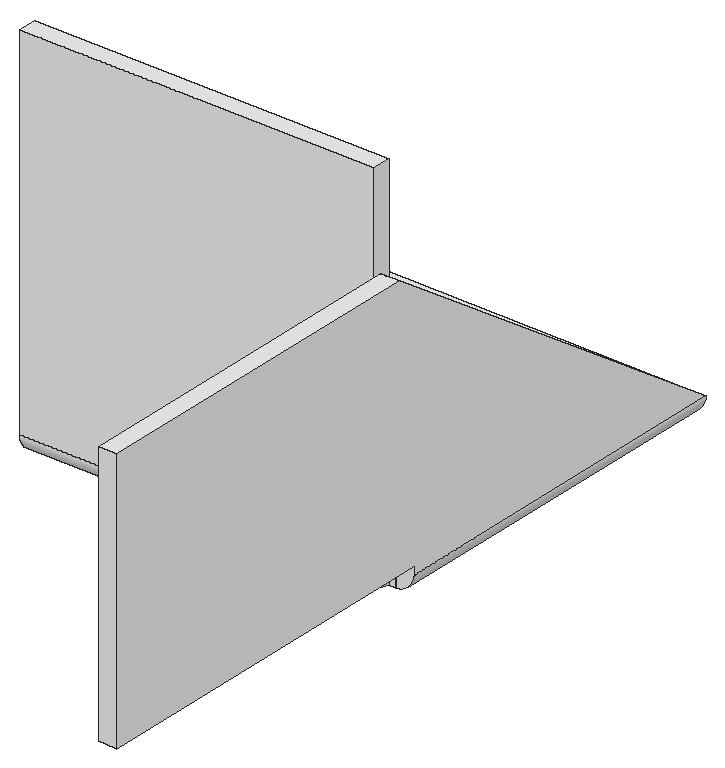
Revit family "JOMA_Universalbeslag 100 & 130 Höger", category Structural Connections, host Face, Revit 2012
Parameters (values of type "8880100H")
  h4 = 2.500 mm
  h3 = 17.350 mm
  h = 100.000 mm
  d3 = 2.500 mm
  d2 = 39.340 mm
  h2 = 52.000 mm
  d = 51.840 mm
  b2 = 49.100 mm
  b = 59.500 mm
  Vikt = "0,15"
  Typ 130 Spikmönster [instance] = and(Typ 130, Spikmönster)  # no
  Typ 130 = not(Typ 100)  # no
  Typ 100 Spikmönster [instance] = and(Typ 100, Spikmönster)  # no
  Typ 100 = yes
  Spikmönster [instance] = no
  Material = Varmförzinkad stålplåt
  Länk Joma Dimensioneringsverktyg = "http://www.joma.se/dimensioneringsverktyg"
  Default Elevation = 0.000 mm
Types (3, lengths in mm): name | h4 | h3 | h | d3 | d2 | h2 | d | b2 | b | Vikt | Typ 130 | Typ 100
  (no name) | 2.500 | 17.350 | 100.000 | 2.500 | 39.340 | 52.000 | 51.840 | 49.100 | 59.500 | "0,15" | no | yes
  8880100H | 2.500 | 17.350 | 100.000 | 2.500 | 39.340 | 52.000 | 51.840 | 49.100 | 59.500 | "0,15" | no | yes
  8880130H | 10.300 | 21.000 | 130.000 | 10.060 | 61.560 | 73.500 | 60.340 | 50.000 | 59.000 | "0,23" | yes | no
Reference planes
  plane 1 "Center (Front/Back)": y = 0
  plane 2: z = 0
  plane 3 "Center (Left/Right)": x = 0
  plane 4: z = 51.84
  plane 5: y = 52
  plane 6: y = -48
  plane 7: y = 2.5
  plane 8: y = 17.35
  plane 9: z = 2.5
  plane 10: z = 3.5
  plane 11: z = 39.34
  plane 12: z = 2.5
  plane 13: y = 2.5
  plane 14: x = -59.5
  plane 15: x = -49.1
  plane 16: x = 2.5
  plane 17: x = -1
Forms (mm)
  Extrusion 1, solid, material "Varmförzinkad stålplåt" <- "Material"
    sketch origin (0, 0, 0) x (0, -1, 0) y (0, 0, 1)
      loop
        line (0, 51.84) -> (-2.5, 51.84) -> (-2.5, 2.5) -> (-52, 2.5) -> (-52, 0) -> (-2.5, 0)
        arc (-2.5, 0) -> (-0.732, 0.732) -> (0, 2.5) r 2.5
        line (0, 2.5) -> (0, 51.84)
    from 0 to 59.5
  Extrusion 2, void
    sketch origin (0, 0, 0) x (-1, 0, 0) y (0, -1, 0)
      loop
        line (49.1, 0) -> (49.1, -2.5) -> (59.5, -17.35) -> (59.5, 0) -> (49.1, 0)
    from 0 to 2.5
  Extrusion 3, void
    sketch origin (0, 0, 0) x (-1, 0, 0) y (0, 0, -1)
      loop
        line (1, -51.84) -> (1, 0) -> (0, 0) -> (0, -51.84) -> (1, -51.84)
    from -2.5 to 0
  Extrusion 4, void
    sketch origin (0, 0, 0) x (-1, 0, 0) y (0, 0, -1)
      loop
        line (49.1, -51.84) -> (59.5, -51.84) -> (59.5, -2.5) -> (49.1, -2.5) -> (49.1, -51.84)
    from -2.5 to 0
  Extrusion 5, solid, material "Varmförzinkad stålplåt" <- "Material"
    sketch origin (0, 0, 0) x (-1, 0, 0) y (0, 0, -1)
      loop
        line (-2.5, -39.34) -> (0, -39.34) -> (0, 0) -> (-2.5, 0) -> (-2.5, -39.34)
    from -52 to 48
  Extrusion 6, void
    sketch origin (0, 0, 0) x (0, 1, 0) y (0, 0, -1)
      loop
        line (52, -2.5) -> (0, -39.34) -> (52, -39.34) -> (52, -2.5)
    from -2.5 to 0
  Extrusion 7, void
    sketch origin (0, 0, 0) x (-1, 0, 0) y (0, 0, -1)
      loop
        line (0, 0) -> (-2.5, 0) -> (-2.5, -2.5)
        arc (-2.5, -2.5) -> (-1.768, -0.732) -> (0, 0) r 2.5
    from -73.5 to -2.5
  Extrusion 8, void
    sketch origin (0, 0, 0) x (-1, 0, 0) y (0, 0, -1)
      loop
        line (-2.5, -3.5) -> (0, -3.5) -> (0, 0) -> (-2.5, 0) -> (-2.5, -3.5)
    from -2.5 to 48
Cuts and joins
  Extrusion 2, Extrusion 3, Extrusion 4, Extrusion 6, Extrusion 7, Extrusion 8 cuts Extrusion 1
  Extrusion 6, Extrusion 7, Extrusion 8 cuts Extrusion 5
Lines and regions (mm)
  symbolic lines, visible <- "Typ 100"
    curve 1: circle (-51.5, 44.5, 0) r 2.5 normal (0, 0, 1)
    curve 2: circle (-31.5, 34.5, 0) r 2.5 normal (0, 0, 1)
    curve 3: circle (-11.5, 44.5, 0) r 2.5 normal (0, 0, 1)
    curve 4: circle (-51.5, 24.5, 0) r 2.5 normal (0, 0, 1)
    curve 5: circle (-11.5, 24.5, 0) r 2.5 normal (0, 0, 1)
    curve 11: circle (-41.1, 0, 14.5) r 2.5 normal (0, -1, 0)
    curve 12: circle (-31.1, 0, 34.5) r 2.5 normal (0, -1, 0)
    curve 13: circle (-21.1, 0, 14.5) r 2.5 normal (0, -1, 0)
    curve 17: circle (0, -30.5, 31.34) r 2.5 normal (1, 0, 0)
    curve 18: circle (0, -40.5, 11.34) r 2.5 normal (1, 0, 0)
    curve 19: circle (0, -20.5, 11.34) r 2.5 normal (1, 0, 0)
  symbolic lines, visible <- "Typ 100", not visible
    curve 6: circle (-51.5, 44.5, 0) r 2.5 normal (0, 0, 1)
    curve 7: circle (-31.5, 34.5, 0) r 2.5 normal (0, 0, 1)
    curve 8: circle (-11.5, 44.5, 0) r 2.5 normal (0, 0, 1)
    curve 9: circle (-51.5, 24.5, 0) r 2.5 normal (0, 0, 1)
    curve 10: circle (-11.5, 24.5, 0) r 2.5 normal (0, 0, 1)
    curve 14: circle (-41.1, 0, 14.5) r 2.5 normal (0, -1, 0)
    curve 15: circle (-31.1, 0, 34.5) r 2.5 normal (0, -1, 0)
    curve 16: circle (-21.1, 0, 14.5) r 2.5 normal (0, -1, 0)
    curve 20: circle (0, -30.5, 31.34) r 2.5 normal (1, 0, 0)
    curve 21: circle (0, -40.5, 11.34) r 2.5 normal (1, 0, 0)
    curve 22: circle (0, -20.5, 11.34) r 2.5 normal (1, 0, 0)
  symbolic lines, visible <- "Typ 130"
    curve 23: circle (-51.5, 63.5, 0) r 2.5 normal (0, 0, 1)
    curve 24: circle (-11.5, 63.5, 0) r 2.5 normal (0, 0, 1)
    curve 25: circle (-51.5, 43.5, 0) r 2.5 normal (0, 0, 1)
    curve 26: circle (-11.5, 43.5, 0) r 2.5 normal (0, 0, 1)
    curve 27: circle (-51.5, 23.5, 0) r 2.5 normal (0, 0, 1)
    curve 28: circle (-11.5, 23.5, 0) r 2.5 normal (0, 0, 1)
    curve 29: circle (-31.5, 53.5, 0) r 2.5 normal (0, 0, 1)
    curve 30: circle (-31.5, 33.5, 0) r 2.5 normal (0, 0, 1)
    curve 39: circle (-37.5, 0, 54.34) r 2.5 normal (0, -1, 0)
    curve 40: circle (-17.5, 0, 54.34) r 2.5 normal (0, -1, 0)
    curve 41: circle (-37.5, 0, 14.34) r 2.5 normal (0, -1, 0)
    curve 42: circle (-17.5, 0, 14.34) r 2.5 normal (0, -1, 0)
    curve 43: circle (-27.5, 0, 34.34) r 2.5 normal (0, -1, 0)
    curve 49: circle (0, -48.5, 53.06) r 2.5 normal (1, 0, 0)
    curve 50: circle (0, -20.5, 53.06) r 2.5 normal (1, 0, 0)
    curve 51: circle (0, -34.5, 32.06) r 2.5 normal (1, 0, 0)
    curve 52: circle (0, -48.5, 11.06) r 2.5 normal (1, 0, 0)
    curve 53: circle (0, -20.5, 11.06) r 2.5 normal (1, 0, 0)
  symbolic lines, visible <- "Typ 130", not visible
    curve 31: circle (-51.5, 63.5, 0) r 2.5 normal (0, 0, 1)
    curve 32: circle (-11.5, 63.5, 0) r 2.5 normal (0, 0, 1)
    curve 33: circle (-51.5, 43.5, 0) r 2.5 normal (0, 0, 1)
    curve 34: circle (-11.5, 43.5, 0) r 2.5 normal (0, 0, 1)
    curve 35: circle (-51.5, 23.5, 0) r 2.5 normal (0, 0, 1)
    curve 36: circle (-11.5, 23.5, 0) r 2.5 normal (0, 0, 1)
    curve 37: circle (-31.5, 53.5, 0) r 2.5 normal (0, 0, 1)
    curve 38: circle (-31.5, 33.5, 0) r 2.5 normal (0, 0, 1)
    curve 44: circle (-37.5, 0, 54.34) r 2.5 normal (0, -1, 0)
    curve 45: circle (-17.5, 0, 54.34) r 2.5 normal (0, -1, 0)
    curve 46: circle (-37.5, 0, 14.34) r 2.5 normal (0, -1, 0)
    curve 47: circle (-17.5, 0, 14.34) r 2.5 normal (0, -1, 0)
    curve 48: circle (-27.5, 0, 34.34) r 2.5 normal (0, -1, 0)
    curve 54: circle (0, -48.5, 53.06) r 2.5 normal (1, 0, 0)
    curve 55: circle (0, -20.5, 53.06) r 2.5 normal (1, 0, 0)
    curve 56: circle (0, -34.5, 32.06) r 2.5 normal (1, 0, 0)
    curve 57: circle (0, -48.5, 11.06) r 2.5 normal (1, 0, 0)
    curve 58: circle (0, -20.5, 11.06) r 2.5 normal (1, 0, 0)
Text (mm)
  text "B" at (324.185, 418.579, 0), in view "Ref. Level"
  text "A" at (0, -122.371, 193.107), in view "Left"
  text "C" at (45.647, 0, 172.812), in view "Front"
Dimensions and locks
  "h2": plane 1 "Center (Front/Back)" to plane 5
  "h": plane 5 to plane 6
  plane 1 "Center (Front/Back)" to plane 7 = 2.500 mm
  plane 9 to host face = 2.500 mm
  plane 10 to plane 9 = 1.000 mm
  "h3": plane 1 "Center (Front/Back)" to plane 8
  "h4": plane 1 "Center (Front/Back)" to plane 13
  "d2": plane 11 to host face
  "d3": plane 12 to host face
  "d": plane 4 to host face
  "b2": plane 15 to plane 3 "Center (Left/Right)"
  "b": plane 14 to plane 3 "Center (Left/Right)"
  plane 3 "Center (Left/Right)" to plane 16 = 2.500 mm  (x2)
  plane 3 "Center (Left/Right)" to plane 17 = 1.000 mm
  plane 17 to plane 3 "Center (Left/Right)" = 1.000 mm
  aligned and locked: plane 2 to host face
  aligned and locked: level to host face
  aligned and locked: Extrusion 1 to plane 5
  aligned and locked: plane 3 "Center (Left/Right)" to Extrusion 1
  aligned and locked: plane 1 "Center (Front/Back)" to Extrusion 1
  aligned and locked: plane 7 to Extrusion 1
  aligned and locked: Extrusion 1 to Extrusion 2
  aligned and locked: Extrusion 2 to Extrusion 4  (x2)
  aligned and locked: plane 1 "Center (Front/Back)" to Extrusion 2
  aligned and locked: plane 7 to Extrusion 3
  aligned and locked: plane 3 "Center (Left/Right)" to Extrusion 3
  aligned and locked: plane 1 "Center (Front/Back)" to Extrusion 3
  aligned and locked: plane 17 to Extrusion 3
  aligned and locked: Extrusion 5 to plane 5
  aligned and locked: Extrusion 5 to Extrusion 6
  aligned and locked: Extrusion 5 to plane 6
  aligned and locked: Extrusion 5 to plane 3 "Center (Left/Right)"
  aligned and locked: Extrusion 6 to plane 5
  aligned and locked: cut or joined group of Extrusion 5, Extrusion 6, Extrusion 7, Extrusion 8 to Extrusion 6
  aligned and locked: Extrusion 6 to plane 3 "Center (Left/Right)"
  aligned and locked: plane 7 to Extrusion 8
  aligned and locked: Extrusion 8 to plane 6
  aligned and locked: Extrusion 8 to plane 3 "Center (Left/Right)"
  aligned and locked: plane 10 to Extrusion 8
  aligned and locked: Extrusion 8 to Extrusion 6
  aligned and locked: Extrusion 8 to level
  aligned and locked: Extrusion 8 to Extrusion 1
  aligned and locked: Extrusion 7 to Extrusion 6
  aligned and locked: Extrusion 7 to level
  aligned and locked: Extrusion 1 to Extrusion 4
  aligned and locked: plane 7 to Extrusion 4
  aligned and locked: Extrusion 4 to plane 15
  aligned and locked: plane 1 "Center (Front/Back)" to Extrusion 4
  aligned and locked: plane 9 to Extrusion 2
  aligned and locked: Extrusion 2 to level
  aligned and locked: Extrusion 2 to Extrusion 1
  aligned and locked: Extrusion 5 to plane 16
  aligned and locked: plane 14 to Extrusion 1
  aligned and locked: Extrusion 2 sketch curve to plane 15
Automatic sketch dimensions
  host sketch curve to host sketch curve = 2438.400 mm  (x2)
  Extrusion 1 sketch curve to plane 5 = 0.000 mm
  Extrusion 1 sketch curve to level = 0.000 mm
  Extrusion 1 sketch curve to plane 7 = 0.000 mm
  Extrusion 1 sketch curve to plane 1 "Center (Front/Back)" = 0.000 mm
  Extrusion 1 sketch curve to plane 9 = 0.000 mm
  Extrusion 1 sketch curve to plane 4 = 0.000 mm
  plane 7 to Extrusion 1 sketch curve = 0.000 mm
  Extrusion 3 sketch curve to plane 3 "Center (Left/Right)" = 0.000 mm
  Extrusion 3 sketch curve to level = 0.000 mm
  plane 17 to Extrusion 3 sketch curve = 0.000 mm
  Extrusion 3 sketch curve to plane 4 = 0.000 mm
  Extrusion 4 sketch curve to plane 9 = 0.000 mm
  plane 15 to Extrusion 4 sketch curve = 0.000 mm
  plane 14 to Extrusion 4 sketch curve = 0.000 mm
  Extrusion 4 sketch curve to plane 4 = 0.000 mm
  Extrusion 5 sketch curve to plane 11 = 0.000 mm
  plane 16 to Extrusion 5 sketch curve = 0.000 mm
  Extrusion 5 sketch curve to level = 0.000 mm
  Extrusion 5 sketch curve to plane 3 "Center (Left/Right)" = 0.000 mm
  Extrusion 6 sketch curve to plane 1 "Center (Front/Back)" = 0.000 mm
  Extrusion 6 sketch curve to plane 5 = 0.000 mm
  Extrusion 6 sketch curve to plane 11 = 0.000 mm
  Extrusion 6 sketch curve to plane 9 = 0.000 mm
  Extrusion 7 sketch curve to level = 0.000 mm
  plane 16 to Extrusion 7 sketch curve = 0.000 mm
  Extrusion 7 sketch curve to plane 3 "Center (Left/Right)" = 0.000 mm
  Extrusion 8 sketch curve to level = 0.000 mm
  plane 16 to Extrusion 8 sketch curve = 0.000 mm
  Extrusion 8 sketch curve to plane 3 "Center (Left/Right)" = 0.000 mm
  Extrusion 8 sketch curve to plane 10 = 0.000 mm
  plane 1 "Center (Front/Back)" to Extrusion 2 sketch curve = 0.000 mm
  Extrusion 2 sketch curve to plane 14 = 0.000 mm
  Extrusion 2 sketch curve to plane 13 = 0.000 mm
  Extrusion 2 sketch curve to plane 8 = 0.000 mm
Nested families
  nested 1: "Spikmönster" at (-51.5, 44.5, 0), visible <- "Typ 100 Spikmönster", type "Ø5"
  nested 2: "Spikmönster" at (-31.5, 34.5, 0), visible <- "Typ 100 Spikmönster", type "Ø5"
  nested 3: "Spikmönster" at (-11.5, 44.5, 0), visible <- "Typ 100 Spikmönster", type "Ø5"
  nested 4: "Spikmönster" at (-51.5, 44.5, 0), visible <- "Typ 100 Spikmönster", type "Ø5", not visible
  nested 5: "Spikmönster" at (-31.5, 34.5, 0), visible <- "Typ 100 Spikmönster", type "Ø5", not visible
  nested 6: "Spikmönster" at (-11.5, 44.5, 0), visible <- "Typ 100 Spikmönster", type "Ø5", not visible
  nested 7: "Spikmönster" at (0, -30.5, 31.34) x (0, -1, 0) z (1, 0, 0), visible <- "Typ 100 Spikmönster", type "Ø5"
  nested 8: "Spikmönster" at (0, -40.5, 11.34) x (0, -1, 0) z (1, 0, 0), visible <- "Typ 100 Spikmönster", type "Ø5"
  nested 9: "Spikmönster" at (0, -30.5, 31.34) x (0, -1, 0) z (1, 0, 0), visible <- "Typ 100 Spikmönster", type "Ø5", not visible
  nested 10: "Spikmönster" at (0, -40.5, 11.34) x (0, -1, 0) z (1, 0, 0), visible <- "Typ 100 Spikmönster", type "Ø5", not visible
  nested 11: "Spikmönster" at (0, -48.5, 53.06) x (0, -1, 0) z (1, 0, 0), visible <- "Typ 130 Spikmönster", type "Ø5"
  nested 12: "Spikmönster" at (0, -48.5, 11.06) x (0, -1, 0) z (1, 0, 0), visible <- "Typ 130 Spikmönster", type "Ø5"
  nested 13: "Spikmönster" at (0, -34.5, 32.06) x (0, -1, 0) z (1, 0, 0), visible <- "Typ 130 Spikmönster", type "Ø5"
  nested 14: "Spikmönster" at (0, -48.5, 53.06) x (0, -1, 0) z (1, 0, 0), visible <- "Typ 130 Spikmönster", type "Ø5", not visible
  nested 15: "Spikmönster" at (0, -48.5, 11.06) x (0, -1, 0) z (1, 0, 0), visible <- "Typ 130 Spikmönster", type "Ø5", not visible
  nested 16: "Spikmönster" at (0, -34.5, 32.06) x (0, -1, 0) z (1, 0, 0), visible <- "Typ 130 Spikmönster", type "Ø5", not visible
  nested 17: "Spikmönster" at (-51.5, 63.5, 0), visible <- "Typ 130 Spikmönster", type "Ø5"
  nested 18: "Spikmönster" at (-51.5, 43.5, 0), visible <- "Typ 130 Spikmönster", type "Ø5"
  nested 19: "Spikmönster" at (-11.5, 43.5, 0), visible <- "Typ 130 Spikmönster", type "Ø5"
  nested 20: "Spikmönster" at (-11.5, 63.5, 0), visible <- "Typ 130 Spikmönster", type "Ø5"
  nested 21: "Spikmönster" at (-51.5, 63.5, 0), visible <- "Typ 130 Spikmönster", type "Ø5", not visible
  nested 22: "Spikmönster" at (-51.5, 43.5, 0), visible <- "Typ 130 Spikmönster", type "Ø5", not visible
  nested 23: "Spikmönster" at (-11.5, 43.5, 0), visible <- "Typ 130 Spikmönster", type "Ø5", not visible
  nested 24: "Spikmönster" at (-11.5, 63.5, 0), visible <- "Typ 130 Spikmönster", type "Ø5", not visible
Definition of nested family "Spikmönster"
  Parameters (values of type "Ø11")
    Radie = 5.500 mm
  Types (3, lengths in mm): name | Radie
    (no name) | 5.500
    Ø5 | 2.500
    Ø11 | 5.500
  Reference planes
    plane 1 "Center (Front/Back)": y = 0
    plane 2: z = 0
    plane 3 "Center (Left/Right)": x = 0
  Lines and regions (mm)
    Filled region 1, type "Solid Fill - Black", in view "Ref. Level"
      outline origin (0, 0, 0) x (1, 0, 0) y (0, 1, 0)
        loop
          circle (0, 0) r 5.5
  Dimensions and locks
    "Radie": radius of Filled region 1 sketch curve
  Automatic sketch dimensions
    plane 1 "Center (Front/Back)" to Filled region 1 sketch curve = 0.000 mm
    Filled region 1 sketch curve to plane 3 "Center (Left/Right)" = 0.000 mm
